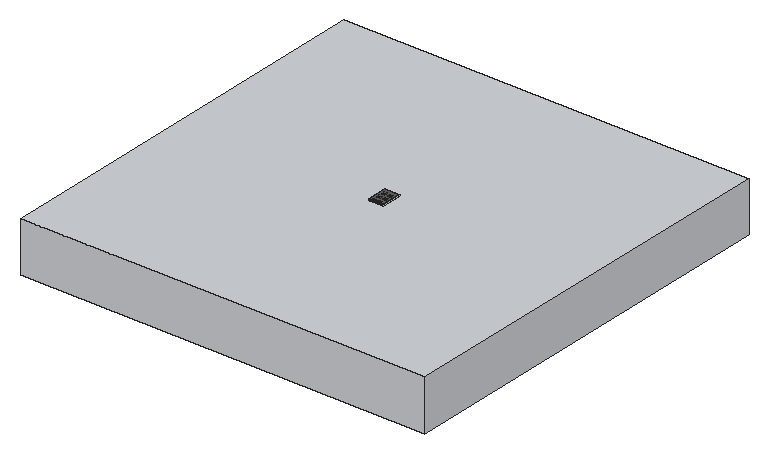
Revit family "Capacitive_touch_switch-TMDP4-AA_-AW_-PA_-PS_PW", category Equipos especializados, Revit 2018
Family settings
  Anfitrión = Cara
  Cota de conector redondo = Diámetro de uso
  Tipo de pieza = Normal
  Corte con vacíos al cargar = No
  Compartido = No
  Punto de cálculo de habitación = No
Parameters (values of type "ZVI-TMDP4-AA_surface")
  Width = 90.2 mm  # constant formula
  Weight = if(Constraints = 1, "180g", if(Constraints = 2, "140g", ""))  # "180g"
  Voltage typical (KNX supply) = "29VDC SELV"  # constant formula
  Voltage range (KNX supply) = "21...31VDC"  # constant formula
  URL = "http://www.zennio.com/en"
  Comentarios de tipo = "Completely customized image for printout glass through web application"  # constant formula
  Thermostats = 1  # constant formula
  Temperature sensor = "Built-in temperature sensor"  # constant formula
  Surface = if(Constraints3 = 1, 1 = 1, 1 = 0)  # yes
  Storage temperature = "-20ºC to +60ºC"  # constant formula
  Storage humidity = "30 to 85% RH (no condensation)"  # constant formula
  Protection class = "III"  # constant formula
  Product Page URL = "http://www.zennio.com/products/capacitive-switch/tmd-plus"
  PCB CTI index = "175 V"  # constant formula
  Orientation = "Vertical or horizontal position"  # constant formula
  Operation type = "Continuous operation"  # constant formula
  Operating temperature = "5ºC to +40ºC"  # constant formula
  Operating humidity = "30 to 85% RH (no condensation)"  # constant formula
  Modelo = if(and(Constraints = 1, Constraints2 = 1, Constraints3 = 1), "ZVI-TMDP4-AA_surface", if(and(Constraints = 1, Constraints2 = 1, Constraints3 = 2), "ZVI-TMDP4-AA_flush", if(and(Constraints = 2, Constraints2 = 1, Constraints3 = 1), "ZVI-TMDP4-PA_surface", if(and(Constraints = 2, Constraints2 = 1, Constraints3 = 2), "ZVI-TMDP4-PA_flush", if(and(Constraints = 1, Constraints2 = 2, Constraints3 = 1), "ZVI-TMDP4_surface", if(and(Constraints = 1, Constraints2 = 2, Constraints3 = 2), "ZVI-TMDP4_flush", if(and(Constraints = 2, Constraints2 = 2, Constraints3 = 1), "ZVI-TMDP4-P_surface", if(and(Constraints = 2, Constraints2 = 2, Constraints3 = 2), "ZVI-TMDP4-P_flush", if(and(Constraints = 1, Constraints2 = 3, Constraints3 = 1), "ZVI-TMDP4-AW_surface", if(and(Constraints = 1, Constraints2 = 3, Constraints3 = 2), "ZVI-TMDP4-AW_flush", if(and(Constraints = 2, Constraints2 = 3, Constraints3 = 1), "ZVI-TMDP4-PW_surface", if(and(Constraints = 2, Constraints2 = 3, Constraints3 = 2), "ZVI-TMDP4-PW_flush", " "))))))))))))  # "ZVI-TMDP4-AA_surface"
  Maximum consumption 29 VDC typical = "7mA"  # constant formula
  Maximum consumption 24 VDC = "8,5mA"  # constant formula
  Manufacturer Phone Number = "+34 925 232 002"  # constant formula
  Manufacturer Email = "info@zennio.com"  # constant formula
  Manufacturer Address = "C/ Río Jarama, 132. Nave P-8.11. 45007 Toledo. España"  # constant formula
  Fabricante = "Zennio Avance y Tecnología, S.L."  # constant formula
  Nota clave = "4 main touch areas and 5 auxiliary touch areas. State LED indicators with custom luminosity"  # constant formula
  Housing material = PC/ABS FR V0 halogen free - Anthracite
  Height = 122.7 mm  # constant formula
  Frame material = Aluminium frame
  Flush = if(Constraints3 = 2, 1 = 1, 1 = 0)  # no
  Fit = "Magnetic fit. Metallic stand included"  # constant formula
  External power supply connection = "No power supply different from the bus needed"  # constant formula
  Electrical stress period = "Long"  # constant formula
  Device action type = "Type 1"  # constant formula
  Descripción = "KNX Capacitive Touch Switch with 4 buttons"  # constant formula
  Depth_total = 25 mm  # constant formula
  Depth = 12 mm  # constant formula
  Degree of protection = "IP20, clean environment"  # constant formula
  Default Elevation = 1219.2 mm
  Copyright = "© 2017 Zennio Avance y Tecnología, S.L."  # constant formula
  Constraints3 = 1
  Constraints2 = 1
  Constraints = 1
  Connection type = "Typical TP1 bus connector for rigid cable 0.80 mm diameter"  # constant formula
  Complementary characteristics = "Class B"  # constant formula
  BCU = "Integrated KNX BCU"  # constant formula
  Analog/digital inputs = 2  # constant formula
Types (13, lengths in mm): name | Weight | Surface | Modelo | Housing material | Frame material | Flush | Constraints3 | Constraints2 | Constraints
  (no name) | "180g" | yes | "ZVI-TMDP4-AA_surface" | PC/ABS FR V0 halogen free - Anthracite | Aluminium frame | no | 1 | 1 | 1
  ZVI-TMDP4-PA_surface | "140g" | yes | "ZVI-TMDP4-PA_surface" | PC/ABS FR V0 halogen free - Anthracite | Polycarbonate frame - Anthracite | no | 1 | 1 | 2
  ZVI-TMDP4-PA_flush | "140g" | no | "ZVI-TMDP4-PA_flush" | PC/ABS FR V0 halogen free - Anthracite | Polycarbonate frame - Anthracite | yes | 2 | 1 | 2
  ZVI-TMDP4-AA_surface | "180g" | yes | "ZVI-TMDP4-AA_surface" | PC/ABS FR V0 halogen free - Anthracite | Aluminium frame | no | 1 | 1 | 1
  ZVI-TMDP4-AA_flush | "180g" | no | "ZVI-TMDP4-AA_flush" | PC/ABS FR V0 halogen free - Anthracite | Aluminium frame | yes | 2 | 1 | 1
  ZVI-TMDP4-AW_surface | "180g" | yes | "ZVI-TMDP4-AW_surface" | PC/ABS FR V0 halogen free - White | Aluminium frame | no | 1 | 3 | 1
  ZVI-TMDP4-PW_surface | "140g" | yes | "ZVI-TMDP4-PW_surface" | PC/ABS FR V0 halogen free - White | Polycarbonate frame - White | no | 1 | 3 | 2
  ZVI-TMDP4-AW_flush | "180g" | no | "ZVI-TMDP4-AW_flush" | PC/ABS FR V0 halogen free - White | Aluminium frame | yes | 2 | 3 | 1
  ZVI-TMDP4-PW_flush | "140g" | no | "ZVI-TMDP4-PW_flush" | PC/ABS FR V0 halogen free - White | Polycarbonate frame - White | yes | 2 | 3 | 2
  ZVI-TMDP4_surface | "180g" | yes | "ZVI-TMDP4_surface" | PC/ABS FR V0 halogen free - Silver | Aluminium frame | no | 1 | 2 | 1
  ZVI-TMDP4-P_surface | "140g" | yes | "ZVI-TMDP4-P_surface" | PC/ABS FR V0 halogen free - Silver | Polycarbonate frame - Silver | no | 1 | 2 | 2
  ZVI-TMDP4_flush | "180g" | no | "ZVI-TMDP4_flush" | PC/ABS FR V0 halogen free - Silver | Aluminium frame | yes | 2 | 2 | 1
  ZVI-TMDP4-P_flush | "140g" | no | "ZVI-TMDP4-P_flush" | PC/ABS FR V0 halogen free - Silver | Polycarbonate frame - Silver | yes | 2 | 2 | 2
Reference planes
  plane 1 "Center (Front/Back)": y = 0
  plane 2 "Ref. 1 top bis": z = 0
  plane 3 "Center (Left/Right)": x = 0
  plane 4 "Ref. left 1": x = -45.1
  plane 5 "Ref. 1 right": x = 45.1
  plane 6 "Ref. 1 front": y = 61.35
  plane 7 "Ref. 1 back": y = -61.35
  plane 8 "Ref. 2 front": y = 59.4
  plane 9 "Ref. 2 back": y = -59.4
  plane 10 "Ref. 2 left": x = -43.1
  plane 11 "Ref. 2 right": x = 43.1
  plane 12 "Ref. 1 top": z = 12
  plane 13 "Ref. 1 bottom": z = -13
  plane 14 "Ref. 2 bottom": z = 3
  plane 15 "Ref. 2 top": z = 10.5
  plane 16 "Ref. 3 bottom": z = 11
  plane 17 "Ref. 1 left bis": x = -45.1
  plane 18 "Ref. 2 left bis": x = -43.1
  plane 19 "Ref. 1 right bis": x = 45.1
  plane 20 "Ref. 2 right bis": x = 43.1
  plane 21 "Ref. 1 front bis": y = 61.35
  plane 22 "Ref. 2 front bis": y = 59.4
  plane 23 "Ref. 1 back bis": y = -61.35
  plane 24 "Ref. 2 back bis": y = -59.4
  plane 25 "Ref. 1 bottom bis": z = -25
  plane 26 "Ref. 2 bottom bis": z = -12
  plane 27 "Ref. 3 bottom bis": z = -9
  plane 28 "Ref. 3 top bis": z = -1.5
  plane 29 "Ref. 4 bottom bis": z = -1
  plane 30 "Ref. 3 left": x = -25.8
  plane 31 "Ref. 3 right": x = -9
  plane 32 "Ref. 4 right": x = 25.8
  plane 33 "Ref. 4 left": x = 9
  plane 34 "Ref. 7 back": y = -51.9
  plane 35 "Ref. 7 front": y = -50.3
  plane 36 "Ref. 3.1 right": x = -24.2
  plane 37 "Ref. 4.1 left": x = 24.2
  plane 38 "Ref. 5 left": x = -13.3
  plane 39 "Ref. 5 right": x = -11.7
  plane 40 "Ref. 6 left": x = -0.8
  plane 41 "Ref. 6 right": x = 0.8
  plane 42 "Ref. 7 left": x = 11.7
  plane 43 "Ref. 7 right": x = 13.3
  plane 44 "Ref. 3 left bis": x = -25.8
  plane 45 "Ref. 3 right bis": x = -9
  plane 46 "Ref. 4 right bis": x = 25.8
  plane 47 "Ref. 4 left bis": x = 9
  plane 48 "Ref. 7 back bis": y = -51.9
  plane 49 "Ref. 7 front bis": y = -50.3
  plane 50 "Ref 3.1 right bis": x = -24.2
  plane 51 "Ref. 4.1 left bis": x = 24.2
  plane 52 "Ref. 5 left bis": x = -13.3
  plane 53 "Ref. 5 right bis": x = -11.7
  plane 54 "Ref. 6 left bis": x = -0.8
  plane 55 "Ref. 6 right bis": x = 0.8
  plane 56 "Ref. 7 left bis": x = 11.7
  plane 57 "Ref. 7 right bis": x = 13.3
  plane 58 "Ref. 3 front": y = 31.9
  plane 59 "Ref. 3 back": y = 15.1
  plane 60 "Ref. 4 front": y = -7
  plane 61 "Ref. 4 back": y = -23.8
  plane 62 "Ref. 3 front bis": y = 31.9
  plane 63 "Ref. 3 back bis": y = 15.1
  plane 64 "Ref. 4 front bis": y = -7
  plane 65 "Ref. 4 back bis": y = -23.8
Forms (mm)
  Extrusion 1, solid
    sketch origin (0, 0, 0) x (1, 0, 0) y (0, 1, 0)
      loop
        line (-1219.2, 1219.2) -> (-1219.2, -1219.2) -> (1219.2, -1219.2) -> (1219.2, 1219.2) -> (-1219.2, 1219.2)
    from 0 to -304.8
  Extrusion 2, solid, material "Aluminium frame" <- "Frame material", visible <- "Surface", detail levels coarse
    sketch origin (0, 0, 0) x (1, 0, 0) y (0, 1, 0)
      loop
        line (-45.1, -61.35) -> (45.1, -61.35) -> (45.1, 61.35) -> (-45.1, 61.35) -> (-45.1, -61.35)
    from 3 to 10.5
  Extrusion 3, solid, material "Aluminium frame" <- "Frame material", visible <- "Surface", detail levels medium+fine
    sketch origin (0, 0, 0) x (1, 0, 0) y (0, 1, 0)
      loop
        arc (-43.1, 61.35) -> (-44.514, 60.764) -> (-45.1, 59.35) r 2
        line (-45.1, 59.35) -> (-45.1, -59.35)
        arc (-45.1, -59.35) -> (-44.514, -60.764) -> (-43.1, -61.35) r 2
        line (-43.1, -61.35) -> (43.05, -61.35)
        arc (43.05, -61.35) -> (44.5, -60.75) -> (45.1, -59.3) r 2.05
        line (45.1, -59.3) -> (45.1, 59.35)
        arc (45.1, 59.35) -> (44.514, 60.764) -> (43.1, 61.35) r 2
        line (43.1, 61.35) -> (-43.1, 61.35)
    from 3 to 10.5
  Extrusion 4, solid, material "PC/ABS FR V0 halogen free - Anthracite" <- "Housing material", visible <- "Surface"
    sketch origin (0, 0, 0) x (1, 0, 0) y (0, 1, 0)
      loop
        line (-14, 25) -> (-25, 14) -> (-25, -14) -> (-14, -25) -> (14, -25) -> (25, -14) -> (25, 13.994) -> (13.994, 25) -> (-14, 25)
    from -13 to 0
  Extrusion 5, solid, material "PC/ABS FR V0 halogen free - Anthracite" <- "Housing material", visible <- "Surface"
    sketch origin (0, 0, 0) x (1, 0, 0) y (0, 1, 0)
      loop
        line (42.6, 59.4) -> (-42.6, 59.4)
        arc (-42.6, 59.4) -> (-42.954, 59.254) -> (-43.1, 58.9) r 0.5
        line (-43.1, 58.9) -> (-43.1, -58.9)
        arc (-43.1, -58.9) -> (-42.954, -59.254) -> (-42.6, -59.4) r 0.5
        line (-42.6, -59.4) -> (42.6, -59.4)
        arc (42.6, -59.4) -> (42.954, -59.254) -> (43.1, -58.9) r 0.5
        line (43.1, -58.9) -> (43.1, 58.9)
        arc (43.1, 58.9) -> (42.954, 59.254) -> (42.6, 59.4) r 0.5
    from 0 to 12
  Extrusion 6, solid, material "Aluminium frame" <- "Frame material", visible <- "Flush", detail levels coarse
    sketch origin (0, 0, 0) x (1, 0, 0) y (0, 1, 0)
      loop
        line (-45.1, 61.35) -> (-45.1, -61.35) -> (45.1, -61.35) -> (45.1, 61.35) -> (-45.1, 61.35)
    from -9 to -1.5
  Extrusion 7, solid, material "Aluminium frame" <- "Frame material", visible <- "Flush", detail levels medium+fine
    sketch origin (0, 0, 0) x (1, 0, 0) y (0, 1, 0)
      loop
        arc (-43.1, 61.35) -> (-44.514, 60.764) -> (-45.1, 59.35) r 2
        line (-45.1, 59.35) -> (-45.1, -59.35)
        arc (-45.1, -59.35) -> (-44.514, -60.764) -> (-43.1, -61.35) r 2
        line (-43.1, -61.35) -> (43.1, -61.35)
        arc (43.1, -61.35) -> (44.514, -60.764) -> (45.1, -59.35) r 2
        line (45.1, -59.35) -> (45.1, 59.35)
        arc (45.1, 59.35) -> (44.514, 60.764) -> (43.1, 61.35) r 2
        line (43.1, 61.35) -> (-43.1, 61.35)
    from -9 to -1.5
  Extrusion 8, solid, material "PC/ABS FR V0 halogen free - Anthracite" <- "Housing material", visible <- "Flush"
    sketch origin (0, 0, 0) x (1, 0, 0) y (0, 1, 0)
      loop
        arc (-42.6, 59.4) -> (-42.954, 59.254) -> (-43.1, 58.9) r 0.5
        line (-43.1, 58.9) -> (-43.1, -58.9)
        arc (-43.1, -58.9) -> (-42.954, -59.254) -> (-42.6, -59.4) r 0.5
        line (-42.6, -59.4) -> (42.6, -59.4)
        arc (42.6, -59.4) -> (42.954, -59.254) -> (43.1, -58.9) r 0.5
        line (43.1, -58.9) -> (43.1, 58.9)
        arc (43.1, 58.9) -> (42.954, 59.254) -> (42.6, 59.4) r 0.5
        line (42.6, 59.4) -> (-42.6, 59.4)
    from -12 to 0
  Extrusion 9, solid, material "PC/ABS FR V0 halogen free - Anthracite" <- "Housing material", visible <- "Flush"
    sketch origin (0, 0, 0) x (1, 0, 0) y (0, 1, 0)
      loop
        line (-14, 25) -> (-25, 14) -> (-25, -14) -> (-14, -25) -> (14, -25) -> (25, -14) -> (25, 14) -> (14, 25) -> (-14, 25)
    from -25 to -12
  Extrusion 10, solid, material "PC/ABS FR V0 halogen free - Anthracite" <- "Housing material", visible <- "Surface", detail levels medium+fine
    sketch origin (0, 0, 0) x (1, 0, 0) y (0, 1, 0)
      loop
        line (-25.8, -50.3) -> (-25.8, -51.9) -> (-24.2, -51.9) -> (-24.2, -50.3) -> (-25.8, -50.3)
    from 11 to 12
  Extrusion 11, solid, material "PC/ABS FR V0 halogen free - Anthracite" <- "Housing material", visible <- "Surface", detail levels medium+fine
    sketch origin (30.442, -58.685, 0) x (1, 0, 0) y (0, 1, 0)
      loop
        line (-43.742, 8.385) -> (-43.742, 6.785) -> (-42.142, 6.785) -> (-42.142, 8.385) -> (-43.742, 8.385)
    from 11 to 12
  Extrusion 12, solid, material "PC/ABS FR V0 halogen free - Anthracite" <- "Housing material", visible <- "Surface", detail levels medium+fine
    sketch origin (25, 0, 0) x (1, 0, 0) y (0, 1, 0)
      loop
        line (-25.8, -50.3) -> (-25.8, -51.9) -> (-24.2, -51.9) -> (-24.2, -50.3) -> (-25.8, -50.3)
    from 11 to 12
  Extrusion 13, solid, material "PC/ABS FR V0 halogen free - Anthracite" <- "Housing material", visible <- "Surface", detail levels medium+fine
    sketch origin (50, 0, 0) x (1, 0, 0) y (0, 1, 0)
      loop
        line (-25.8, -50.3) -> (-25.8, -51.9) -> (-24.2, -51.9) -> (-24.2, -50.3) -> (-25.8, -50.3)
    from 11 to 12
  Extrusion 14, solid, material "PC/ABS FR V0 halogen free - Anthracite" <- "Housing material", visible <- "Surface", detail levels medium+fine
    sketch origin (37.5, 0, 0) x (1, 0, 0) y (0, 1, 0)
      loop
        line (-25.8, -50.3) -> (-25.8, -51.9) -> (-24.2, -51.9) -> (-24.2, -50.3) -> (-25.8, -50.3)
    from 11 to 12
  Extrusion 15, solid, material "PC/ABS FR V0 halogen free - Anthracite" <- "Housing material", visible <- "Flush", detail levels medium+fine
    sketch origin (345, 0, 0) x (1, 0, 0) y (0, 1, 0)
      loop
        line (-370.8, -50.3) -> (-370.8, -51.9) -> (-369.2, -51.9) -> (-369.2, -50.3) -> (-370.8, -50.3)
    from -1 to 0
  Extrusion 16, solid, material "PC/ABS FR V0 halogen free - Anthracite" <- "Housing material", visible <- "Flush", detail levels medium+fine
    sketch origin (357.5, 0, 0) x (1, 0, 0) y (0, 1, 0)
      loop
        line (-370.8, -50.3) -> (-370.8, -51.9) -> (-369.2, -51.9) -> (-369.2, -50.3) -> (-370.8, -50.3)
    from -1 to 0
  Extrusion 17, solid, material "PC/ABS FR V0 halogen free - Anthracite" <- "Housing material", visible <- "Flush", detail levels medium+fine
    sketch origin (370, 0, 0) x (1, 0, 0) y (0, 1, 0)
      loop
        line (-370.8, -50.3) -> (-370.8, -51.9) -> (-369.2, -51.9) -> (-369.2, -50.3) -> (-370.8, -50.3)
    from -1 to 0
  Extrusion 18, solid, material "PC/ABS FR V0 halogen free - Anthracite" <- "Housing material", visible <- "Flush", detail levels medium+fine
    sketch origin (382.5, 0, 0) x (1, 0, 0) y (0, 1, 0)
      loop
        line (-370.8, -50.3) -> (-370.8, -51.9) -> (-369.2, -51.9) -> (-369.2, -50.3) -> (-370.8, -50.3)
    from -1 to 0
  Extrusion 19, solid, material "PC/ABS FR V0 halogen free - Anthracite" <- "Housing material", visible <- "Flush", detail levels medium+fine
    sketch origin (395, 0, 0) x (1, 0, 0) y (0, 1, 0)
      loop
        line (-370.8, -50.3) -> (-370.8, -51.9) -> (-369.2, -51.9) -> (-369.2, -50.3) -> (-370.8, -50.3)
    from -1 to 0
  Extrusion 20, solid, material "PC/ABS FR V0 halogen free - Anthracite" <- "Housing material", visible <- "Flush"
    sketch origin (345, -16.9, 0) x (1, 0, 0) y (0, 1, 0)
      loop
        line (-370.8, 48.8) -> (-370.8, 32) -> (-354, 32) -> (-354, 48.8) -> (-370.8, 48.8)
    from -1 to 0
  Extrusion 21, solid, material "PC/ABS FR V0 halogen free - Anthracite" <- "Housing material", visible <- "Surface"
    sketch origin (345, -16.9, 0) x (1, 0, 0) y (0, 1, 0)
      loop
        line (-370.8, 48.8) -> (-370.8, 32) -> (-354, 32) -> (-354, 48.8) -> (-370.8, 48.8)
    from 11 to 12
  Extrusion 22, solid, material "PC/ABS FR V0 halogen free - Anthracite" <- "Housing material", visible <- "Surface"
    sketch origin (379.8, -16.9, 0) x (1, 0, 0) y (0, 1, 0)
      loop
        line (-370.8, 48.8) -> (-370.8, 32) -> (-354, 32) -> (-354, 48.8) -> (-370.8, 48.8)
    from 11 to 12
  Extrusion 23, solid, material "PC/ABS FR V0 halogen free - Anthracite" <- "Housing material", visible <- "Surface"
    sketch origin (345, -55.8, 0) x (1, 0, 0) y (0, 1, 0)
      loop
        line (-370.8, 48.8) -> (-370.8, 32) -> (-354, 32) -> (-354, 48.8) -> (-370.8, 48.8)
    from 11 to 12
  Extrusion 24, solid, material "PC/ABS FR V0 halogen free - Anthracite" <- "Housing material", visible <- "Surface"
    sketch origin (379.8, -55.8, 0) x (1, 0, 0) y (0, 1, 0)
      loop
        line (-370.8, 48.8) -> (-370.8, 32) -> (-354, 32) -> (-354, 48.8) -> (-370.8, 48.8)
    from 11 to 12
  Extrusion 25, solid, material "PC/ABS FR V0 halogen free - Anthracite" <- "Housing material", visible <- "Flush"
    sketch origin (379.8, -16.9, 0) x (1, 0, 0) y (0, 1, 0)
      loop
        line (-370.8, 48.8) -> (-370.8, 32) -> (-354, 32) -> (-354, 48.8) -> (-370.8, 48.8)
    from -1 to 0
  Extrusion 26, solid, material "PC/ABS FR V0 halogen free - Anthracite" <- "Housing material", visible <- "Flush"
    sketch origin (345, -55.8, 0) x (1, 0, 0) y (0, 1, 0)
      loop
        line (-370.8, 48.8) -> (-370.8, 32) -> (-354, 32) -> (-354, 48.8) -> (-370.8, 48.8)
    from -1 to 0
  Extrusion 27, solid, material "PC/ABS FR V0 halogen free - Anthracite" <- "Housing material", visible <- "Flush"
    sketch origin (379.8, -55.8, 0) x (1, 0, 0) y (0, 1, 0)
      loop
        line (-370.8, 48.8) -> (-370.8, 32) -> (-354, 32) -> (-354, 48.8) -> (-370.8, 48.8)
    from -1 to 0
Lines and regions (mm)
  reference lines
    curve 1: line (13.994, 25, 0) -> (-14, 25, 0)
    curve 2: line (-25, 14, 0) -> (-25, -14, 0)
    curve 3: line (-14, 25, 0) -> (-25, 14, 0)
    curve 4: line (25, -14, 0) -> (25, 13.994, 0)
    curve 5: line (14, -25, 0) -> (-14, -25, 0)
    curve 6: line (13.994, 25, 0) -> (25, 13.994, 0)
    curve 7: line (-25, -14, 0) -> (-14, -25, 0)
    curve 8: line (25, -14, 0) -> (14, -25, 0)
    curve 9: line (25, 0, -12) -> (-25, 0, -12)
    curve 10: line (-31, 25, -12) -> (31, 25, -12)
    curve 11: line (31, -25, -12) -> (-31, -25, -12)
    curve 12: line (25, 25, -12) -> (25, -25, -12)
    curve 13: line (-25, 25, -12) -> (-25, -25, -12)
    curve 14: line (-31, -8, -12) -> (-7.322, -31.678, -12)
    curve 15: line (31, -8, -12) -> (6.929, -32.071, -12)
    curve 16: line (8, 31, -12) -> (31, 8, -12)
    curve 17: line (-8, 31, -12) -> (-31, 8, -12)
Dimensions and locks
  equal spacing: plane 7 "Ref. 1 back", plane 1 "Center (Front/Back)", plane 6 "Ref. 1 front", locked at 61.35 each
  equal spacing: plane 4 "Ref. left 1", plane 3 "Center (Left/Right)", plane 5 "Ref. 1 right", locked at 45.1 each
  "Width": plane 4 "Ref. left 1" to plane 5 "Ref. 1 right"
  "Height": plane 7 "Ref. 1 back" to plane 6 "Ref. 1 front"
  equal spacing: plane 9 "Ref. 2 back", plane 1 "Center (Front/Back)", plane 8 "Ref. 2 front", locked at 59.4 each
  equal spacing: plane 10 "Ref. 2 left", plane 3 "Center (Left/Right)", plane 11 "Ref. 2 right", locked at 43.1 each
  locked: plane 2 "Ref. 1 top bis" to plane 12 "Ref. 1 top" at 12
  locked: plane 16 "Ref. 3 bottom" to plane 12 "Ref. 1 top" at 1
  locked: plane 15 "Ref. 2 top" to plane 16 "Ref. 3 bottom" at 0.5
  locked: plane 14 "Ref. 2 bottom" to plane 15 "Ref. 2 top" at 7.5
  equal spacing: plane 17 "Ref. 1 left bis", plane 3 "Center (Left/Right)", plane 19 "Ref. 1 right bis", locked at 45.1 each
  "Width": plane 17 "Ref. 1 left bis" to plane 19 "Ref. 1 right bis"
  equal spacing: plane 18 "Ref. 2 left bis", plane 3 "Center (Left/Right)", plane 20 "Ref. 2 right bis", locked at 43.1 each
  equal spacing: plane 23 "Ref. 1 back bis", plane 1 "Center (Front/Back)", plane 21 "Ref. 1 front bis", locked at 61.35 each
  "Height": plane 23 "Ref. 1 back bis" to plane 21 "Ref. 1 front bis"
  equal spacing: plane 24 "Ref. 2 back bis", plane 1 "Center (Front/Back)", plane 22 "Ref. 2 front bis", locked at 59.4 each
  locked: plane 26 "Ref. 2 bottom bis" to level at 12
  locked: plane 29 "Ref. 4 bottom bis" to plane 2 "Ref. 1 top bis" at 1
  locked: plane 28 "Ref. 3 top bis" to plane 29 "Ref. 4 bottom bis" at 0.5
  locked: plane 27 "Ref. 3 bottom bis" to plane 28 "Ref. 3 top bis" at 7.5
  locked: plane 25 "Ref. 1 bottom bis" to plane 2 "Ref. 1 top bis" at 25
  locked: plane 13 "Ref. 1 bottom" to plane 12 "Ref. 1 top" at 25
  plane 34 "Ref. 7 back" to plane 35 "Ref. 7 front" to plane 61 "Ref. 4 back" to plane 60 "Ref. 4 front" to plane 59 "Ref. 3 back" to plane 58 "Ref. 3 front" to plane 6 "Ref. 1 front" = 1.6 mm locked, 26.5 mm locked, 16.8 mm locked, 22.1 mm locked, 16.8 mm locked, 29.45 mm locked
  plane 48 "Ref. 7 back bis" to plane 49 "Ref. 7 front bis" to plane 65 "Ref. 4 back bis" to plane 64 "Ref. 4 front bis" to plane 63 "Ref. 3 back bis" to plane 62 "Ref. 3 front bis" to plane 21 "Ref. 1 front bis" = 1.6 mm locked, 26.5 mm locked, 16.8 mm locked, 22.1 mm locked, 16.8 mm locked, 29.45 mm locked
  plane 30 "Ref. 3 left" to plane 31 "Ref. 3 right" to plane 33 "Ref. 4 left" to plane 32 "Ref. 4 right" to plane 5 "Ref. 1 right" = 16.8 mm locked, 18 mm locked, 16.8 mm locked, 19.3 mm locked
  plane 36 "Ref. 3.1 right" to plane 38 "Ref. 5 left" to plane 39 "Ref. 5 right" to plane 40 "Ref. 6 left" to plane 41 "Ref. 6 right" to plane 42 "Ref. 7 left" to plane 43 "Ref. 7 right" to plane 37 "Ref. 4.1 left" to plane 32 "Ref. 4 right" = 10.9 mm locked, 1.6 mm locked, 10.9 mm locked, 1.6 mm locked, 10.9 mm locked, 1.6 mm locked, 10.9 mm locked, 1.6 mm locked
  plane 44 "Ref. 3 left bis" to plane 45 "Ref. 3 right bis" to plane 47 "Ref. 4 left bis" to plane 46 "Ref. 4 right bis" to plane 19 "Ref. 1 right bis" = 16.8 mm locked, 18 mm locked, 16.8 mm locked, 19.3 mm locked
  plane 50 "Ref 3.1 right bis" to plane 52 "Ref. 5 left bis" to plane 53 "Ref. 5 right bis" to plane 54 "Ref. 6 left bis" to plane 55 "Ref. 6 right bis" to plane 56 "Ref. 7 left bis" to plane 57 "Ref. 7 right bis" to plane 51 "Ref. 4.1 left bis" to plane 46 "Ref. 4 right bis" = 10.9 mm locked, 1.6 mm locked, 10.9 mm locked, 1.6 mm locked, 10.9 mm locked, 1.6 mm locked, 10.9 mm locked, 1.6 mm locked
  aligned and locked: plane 2 "Ref. 1 top bis" to Extrusion 1
  aligned and locked: level to Extrusion 1
  aligned and locked: curve 3 to Extrusion 4
  aligned and locked: curve 1 to Extrusion 4
  aligned and locked: curve 6 to Extrusion 4
  aligned and locked: curve 4 to Extrusion 4
  aligned and locked: curve 8 to Extrusion 4
  aligned and locked: curve 5 to Extrusion 4
  aligned and locked: curve 7 to Extrusion 4
  aligned and locked: curve 2 to Extrusion 4
  aligned and locked: Extrusion 3 to plane 6 "Ref. 1 front"
  aligned and locked: Extrusion 2 to plane 6 "Ref. 1 front"
  aligned and locked: plane 4 "Ref. left 1" to Extrusion 3
  aligned and locked: plane 4 "Ref. left 1" to Extrusion 2
  aligned and locked: plane 7 "Ref. 1 back" to Extrusion 3
  aligned and locked: plane 7 "Ref. 1 back" to Extrusion 2
  aligned and locked: Extrusion 3 to plane 5 "Ref. 1 right"
  aligned and locked: Extrusion 2 to plane 5 "Ref. 1 right"
  aligned and locked: Extrusion 5 to plane 8 "Ref. 2 front"
  aligned and locked: plane 10 "Ref. 2 left" to Extrusion 5
  aligned and locked: plane 9 "Ref. 2 back" to Extrusion 5
  aligned and locked: Extrusion 5 to plane 11 "Ref. 2 right"
  aligned and locked: plane 13 "Ref. 1 bottom" to Extrusion 4
  aligned and locked: Extrusion 5 to plane 2 "Ref. 1 top bis"
  aligned and locked: Extrusion 5 to plane 12 "Ref. 1 top"
  aligned and locked: plane 14 "Ref. 2 bottom" to Extrusion 3
  aligned and locked: Extrusion 3 to plane 15 "Ref. 2 top"
  aligned and locked: plane 2 "Ref. 1 top bis" to Extrusion 4
  aligned and locked: plane 17 "Ref. 1 left bis" to Extrusion 7
  aligned and locked: plane 17 "Ref. 1 left bis" to Extrusion 6
  aligned and locked: plane 18 "Ref. 2 left bis" to Extrusion 8
  aligned and locked: Extrusion 7 to plane 19 "Ref. 1 right bis"
  aligned and locked: Extrusion 6 to plane 19 "Ref. 1 right bis"
  aligned and locked: Extrusion 8 to plane 20 "Ref. 2 right bis"
  aligned and locked: Extrusion 7 to plane 21 "Ref. 1 front bis"
  aligned and locked: Extrusion 6 to plane 21 "Ref. 1 front bis"
  aligned and locked: Extrusion 8 to plane 22 "Ref. 2 front bis"
  aligned and locked: plane 24 "Ref. 2 back bis" to Extrusion 8
  aligned and locked: plane 23 "Ref. 1 back bis" to Extrusion 7
  aligned and locked: plane 23 "Ref. 1 back bis" to Extrusion 6
  aligned and locked: plane 25 "Ref. 1 bottom bis" to Extrusion 9
  aligned and locked: plane 26 "Ref. 2 bottom bis" to Extrusion 8
  aligned and locked: Extrusion 8 to plane 26 "Ref. 2 bottom bis"
  aligned and locked: plane 2 "Ref. 1 top bis" to Extrusion 8
  aligned and locked: plane 27 "Ref. 3 bottom bis" to Extrusion 7
  aligned and locked: Extrusion 6 to plane 28 "Ref. 3 top bis"
  aligned and locked: Extrusion 9 to plane 26 "Ref. 2 bottom bis"
  aligned and locked: Extrusion 7 to plane 28 "Ref. 3 top bis"
  aligned and locked: curve 17 to Extrusion 9
  aligned and locked: curve 13 to Extrusion 9
  aligned and locked: curve 14 to Extrusion 9
  aligned and locked: Extrusion 9 to curve 11
  aligned and locked: Extrusion 9 to curve 15
  aligned and locked: Extrusion 9 to curve 12
  aligned and locked: Extrusion 9 to curve 16
  aligned and locked: Extrusion 9 to curve 10
  aligned and locked: plane 35 "Ref. 7 front" to Extrusion 10
  aligned and locked: plane 35 "Ref. 7 front" to Extrusion 11
  aligned and locked: plane 35 "Ref. 7 front" to Extrusion 12
  aligned and locked: plane 35 "Ref. 7 front" to Extrusion 14
  aligned and locked: plane 35 "Ref. 7 front" to Extrusion 13
  aligned and locked: Extrusion 10 to plane 34 "Ref. 7 back"
  aligned and locked: Extrusion 11 to plane 34 "Ref. 7 back"
  aligned and locked: Extrusion 12 to plane 34 "Ref. 7 back"
  aligned and locked: Extrusion 14 to plane 34 "Ref. 7 back"
  aligned and locked: Extrusion 13 to plane 34 "Ref. 7 back"
  aligned and locked: plane 30 "Ref. 3 left" to Extrusion 10
  aligned and locked: plane 38 "Ref. 5 left" to Extrusion 11
  aligned and locked: plane 40 "Ref. 6 left" to Extrusion 12
  aligned and locked: plane 42 "Ref. 7 left" to Extrusion 14
  aligned and locked: Extrusion 13 to plane 37 "Ref. 4.1 left"
  aligned and locked: plane 36 "Ref. 3.1 right" to Extrusion 10
  aligned and locked: plane 39 "Ref. 5 right" to Extrusion 11
  aligned and locked: Extrusion 12 to plane 41 "Ref. 6 right"
  aligned and locked: Extrusion 14 to plane 43 "Ref. 7 right"
  aligned and locked: Extrusion 13 to plane 32 "Ref. 4 right"
  aligned and locked: Extrusion 13 to plane 12 "Ref. 1 top"
  aligned and locked: Extrusion 14 to plane 12 "Ref. 1 top"
  aligned and locked: Extrusion 12 to plane 12 "Ref. 1 top"
  aligned and locked: Extrusion 11 to plane 12 "Ref. 1 top"
  aligned and locked: Extrusion 10 to plane 12 "Ref. 1 top"
  aligned and locked: plane 16 "Ref. 3 bottom" to Extrusion 13
  aligned and locked: plane 16 "Ref. 3 bottom" to Extrusion 14
  aligned and locked: plane 16 "Ref. 3 bottom" to Extrusion 12
  aligned and locked: plane 16 "Ref. 3 bottom" to Extrusion 11
  aligned and locked: plane 16 "Ref. 3 bottom" to Extrusion 10
  aligned and locked: plane 49 "Ref. 7 front bis" to Extrusion 15
  aligned and locked: plane 49 "Ref. 7 front bis" to Extrusion 16
  aligned and locked: plane 49 "Ref. 7 front bis" to Extrusion 17
  aligned and locked: plane 49 "Ref. 7 front bis" to Extrusion 18
  aligned and locked: plane 49 "Ref. 7 front bis" to Extrusion 19
  aligned and locked: Extrusion 15 to plane 48 "Ref. 7 back bis"
  aligned and locked: Extrusion 16 to plane 48 "Ref. 7 back bis"
  aligned and locked: Extrusion 17 to plane 48 "Ref. 7 back bis"
  aligned and locked: Extrusion 18 to plane 48 "Ref. 7 back bis"
  aligned and locked: Extrusion 19 to plane 48 "Ref. 7 back bis"
  aligned and locked: plane 44 "Ref. 3 left bis" to Extrusion 15
  aligned and locked: plane 50 "Ref 3.1 right bis" to Extrusion 15
  aligned and locked: plane 52 "Ref. 5 left bis" to Extrusion 16
  aligned and locked: plane 53 "Ref. 5 right bis" to Extrusion 16
  aligned and locked: plane 54 "Ref. 6 left bis" to Extrusion 17
  aligned and locked: Extrusion 17 to plane 55 "Ref. 6 right bis"
  aligned and locked: plane 56 "Ref. 7 left bis" to Extrusion 18
  aligned and locked: Extrusion 18 to plane 57 "Ref. 7 right bis"
  aligned and locked: Extrusion 19 to plane 51 "Ref. 4.1 left bis"
  aligned and locked: Extrusion 19 to plane 46 "Ref. 4 right bis"
  aligned and locked: plane 29 "Ref. 4 bottom bis" to Extrusion 19
  aligned and locked: plane 29 "Ref. 4 bottom bis" to Extrusion 18
  aligned and locked: plane 29 "Ref. 4 bottom bis" to Extrusion 17
  aligned and locked: plane 29 "Ref. 4 bottom bis" to Extrusion 16
  aligned and locked: plane 29 "Ref. 4 bottom bis" to Extrusion 15
  aligned and locked: plane 2 "Ref. 1 top bis" to Extrusion 19
  aligned and locked: plane 2 "Ref. 1 top bis" to Extrusion 18
  aligned and locked: plane 2 "Ref. 1 top bis" to Extrusion 17
  aligned and locked: plane 2 "Ref. 1 top bis" to Extrusion 16
  aligned and locked: plane 2 "Ref. 1 top bis" to Extrusion 15
  aligned and locked: plane 58 "Ref. 3 front" to Extrusion 21
  aligned and locked: plane 58 "Ref. 3 front" to Extrusion 22
  aligned and locked: Extrusion 21 to plane 59 "Ref. 3 back"
  aligned and locked: Extrusion 22 to plane 59 "Ref. 3 back"
  aligned and locked: plane 60 "Ref. 4 front" to Extrusion 23
  aligned and locked: plane 60 "Ref. 4 front" to Extrusion 24
  aligned and locked: Extrusion 23 to plane 61 "Ref. 4 back"
  aligned and locked: Extrusion 24 to plane 61 "Ref. 4 back"
  aligned and locked: plane 44 "Ref. 3 left bis" to Extrusion 21
  aligned and locked: plane 44 "Ref. 3 left bis" to Extrusion 23
  aligned and locked: plane 45 "Ref. 3 right bis" to Extrusion 21
  aligned and locked: plane 45 "Ref. 3 right bis" to Extrusion 23
  aligned and locked: plane 47 "Ref. 4 left bis" to Extrusion 22
  aligned and locked: plane 47 "Ref. 4 left bis" to Extrusion 24
  aligned and locked: Extrusion 22 to plane 46 "Ref. 4 right bis"
  aligned and locked: Extrusion 24 to plane 46 "Ref. 4 right bis"
  aligned and locked: plane 62 "Ref. 3 front bis" to Extrusion 20
  aligned and locked: plane 62 "Ref. 3 front bis" to Extrusion 25
  aligned and locked: Extrusion 20 to plane 63 "Ref. 3 back bis"
  aligned and locked: Extrusion 25 to plane 63 "Ref. 3 back bis"
  aligned and locked: plane 64 "Ref. 4 front bis" to Extrusion 26
  aligned and locked: plane 64 "Ref. 4 front bis" to Extrusion 27
  aligned and locked: Extrusion 26 to plane 65 "Ref. 4 back bis"
  aligned and locked: Extrusion 27 to plane 65 "Ref. 4 back bis"
  aligned and locked: plane 44 "Ref. 3 left bis" to Extrusion 20
  aligned and locked: plane 44 "Ref. 3 left bis" to Extrusion 26
  aligned and locked: plane 45 "Ref. 3 right bis" to Extrusion 20
  aligned and locked: plane 45 "Ref. 3 right bis" to Extrusion 26
  aligned and locked: plane 47 "Ref. 4 left bis" to Extrusion 25
  aligned and locked: plane 47 "Ref. 4 left bis" to Extrusion 27
  aligned and locked: Extrusion 25 to plane 46 "Ref. 4 right bis"
  aligned and locked: Extrusion 27 to plane 46 "Ref. 4 right bis"
  aligned and locked: plane 16 "Ref. 3 bottom" to Extrusion 22
  aligned and locked: plane 16 "Ref. 3 bottom" to Extrusion 21
  aligned and locked: Extrusion 22 to plane 12 "Ref. 1 top"
  aligned and locked: Extrusion 21 to plane 12 "Ref. 1 top"
  aligned and locked: Extrusion 24 to plane 12 "Ref. 1 top"
  aligned and locked: plane 16 "Ref. 3 bottom" to Extrusion 24
  aligned and locked: Extrusion 23 to plane 12 "Ref. 1 top"
  aligned and locked: plane 16 "Ref. 3 bottom" to Extrusion 23
  aligned and locked: plane 2 "Ref. 1 top bis" to Extrusion 25
  aligned and locked: plane 2 "Ref. 1 top bis" to Extrusion 20
  aligned and locked: plane 29 "Ref. 4 bottom bis" to Extrusion 25
  aligned and locked: plane 29 "Ref. 4 bottom bis" to Extrusion 20
  aligned and locked: plane 2 "Ref. 1 top bis" to Extrusion 27
  aligned and locked: plane 2 "Ref. 1 top bis" to Extrusion 26
  aligned and locked: plane 29 "Ref. 4 bottom bis" to Extrusion 27
  aligned and locked: plane 29 "Ref. 4 bottom bis" to Extrusion 26
Automatic sketch dimensions
  Extrusion 1 sketch curve to Extrusion 1 sketch curve = 2438.4 mm  (x2)
  Extrusion 2 sketch curve to plane 4 "Ref. left 1" = 0 mm
  Extrusion 2 sketch curve to plane 5 "Ref. 1 right" = 0 mm
  plane 7 "Ref. 1 back" to Extrusion 2 sketch curve = 0 mm
  plane 6 "Ref. 1 front" to Extrusion 2 sketch curve = 0 mm
  Extrusion 3 sketch curve to plane 4 "Ref. left 1" = 0 mm
  plane 7 "Ref. 1 back" to Extrusion 3 sketch curve = 0 mm
  Extrusion 3 sketch curve to plane 10 "Ref. 2 left" = 0 mm  (x2)
  plane 6 "Ref. 1 front" to Extrusion 3 sketch curve = 0 mm
  Extrusion 3 sketch curve to plane 11 "Ref. 2 right" = 0 mm
  Extrusion 3 sketch curve to plane 5 "Ref. 1 right" = 0 mm
  plane 11 "Ref. 2 right" to Extrusion 3 sketch curve = 0.05 mm
  curve 7 to plane 30 "Ref. 3 left" = 0.8 mm
  plane 38 "Ref. 5 left" to curve 3 = 0.7 mm
  plane 38 "Ref. 5 left" to curve 7 = 0.7 mm
  curve 1 to plane 43 "Ref. 7 right" = 0.694 mm
  curve 5 to plane 43 "Ref. 7 right" = 0.7 mm
  plane 32 "Ref. 4 right" to curve 4 = 0.8 mm
  curve 5 to plane 61 "Ref. 4 back" = 1.2 mm
  curve 7 to plane 60 "Ref. 4 front" = 7 mm
  curve 4 to plane 60 "Ref. 4 front" = 7 mm
  curve 4 to plane 59 "Ref. 3 back" = 1.106 mm
  curve 2 to plane 59 "Ref. 3 back" = 1.1 mm
  curve 1 to plane 58 "Ref. 3 front" = 6.9 mm
  Extrusion 4 sketch curve to plane 30 "Ref. 3 left" = 0.8 mm
  plane 38 "Ref. 5 left" to Extrusion 4 sketch curve = 0.7 mm  (x2)
  Extrusion 4 sketch curve to plane 43 "Ref. 7 right" = 0.694 mm
  Extrusion 4 sketch curve to plane 43 "Ref. 7 right" = 0.7 mm
  plane 32 "Ref. 4 right" to Extrusion 4 sketch curve = 0.8 mm
  Extrusion 4 sketch curve to plane 61 "Ref. 4 back" = 1.2 mm
  Extrusion 4 sketch curve to plane 60 "Ref. 4 front" = 7 mm  (x2)
  Extrusion 4 sketch curve to plane 59 "Ref. 3 back" = 1.106 mm
  Extrusion 4 sketch curve to plane 59 "Ref. 3 back" = 1.1 mm
  Extrusion 4 sketch curve to plane 58 "Ref. 3 front" = 6.9 mm
  Extrusion 5 sketch curve to plane 10 "Ref. 2 left" = 0 mm
  plane 8 "Ref. 2 front" to Extrusion 5 sketch curve = 0 mm
  plane 9 "Ref. 2 back" to Extrusion 5 sketch curve = 0 mm
  Extrusion 5 sketch curve to plane 11 "Ref. 2 right" = 0 mm
  Extrusion 5 sketch curve to plane 10 "Ref. 2 left" = 0.5 mm
  Extrusion 5 sketch curve to plane 9 "Ref. 2 back" = 0.5 mm
  plane 11 "Ref. 2 right" to Extrusion 5 sketch curve = 0.5 mm
  plane 8 "Ref. 2 front" to Extrusion 5 sketch curve = 0.5 mm
  Extrusion 6 sketch curve to plane 4 "Ref. left 1" = 0 mm
  Extrusion 6 sketch curve to plane 5 "Ref. 1 right" = 0 mm
  plane 7 "Ref. 1 back" to Extrusion 6 sketch curve = 0 mm
  plane 6 "Ref. 1 front" to Extrusion 6 sketch curve = 0 mm
  Extrusion 7 sketch curve to plane 4 "Ref. left 1" = 0 mm
  plane 7 "Ref. 1 back" to Extrusion 7 sketch curve = 0 mm
  Extrusion 7 sketch curve to plane 10 "Ref. 2 left" = 0 mm  (x2)
  plane 6 "Ref. 1 front" to Extrusion 7 sketch curve = 0 mm
  Extrusion 7 sketch curve to plane 11 "Ref. 2 right" = 0 mm  (x2)
  Extrusion 7 sketch curve to plane 5 "Ref. 1 right" = 0 mm
  Extrusion 8 sketch curve to plane 10 "Ref. 2 left" = 0 mm
  plane 9 "Ref. 2 back" to Extrusion 8 sketch curve = 0 mm
  plane 8 "Ref. 2 front" to Extrusion 8 sketch curve = 0 mm
  Extrusion 8 sketch curve to plane 11 "Ref. 2 right" = 0 mm
  Extrusion 8 sketch curve to plane 10 "Ref. 2 left" = 0.5 mm
  Extrusion 8 sketch curve to Extrusion 8 sketch curve = 0.5 mm
  plane 11 "Ref. 2 right" to Extrusion 8 sketch curve = 0.5 mm
  Extrusion 8 sketch curve to plane 9 "Ref. 2 back" = 0.5 mm
  Extrusion 9 sketch curve to plane 30 "Ref. 3 left" = 0.8 mm
  plane 38 "Ref. 5 left" to Extrusion 9 sketch curve = 0.7 mm  (x2)
  Extrusion 9 sketch curve to plane 43 "Ref. 7 right" = 0.7 mm  (x2)
  plane 32 "Ref. 4 right" to Extrusion 9 sketch curve = 0.8 mm
  Extrusion 9 sketch curve to plane 61 "Ref. 4 back" = 1.2 mm
  Extrusion 9 sketch curve to plane 60 "Ref. 4 front" = 7 mm  (x2)
  Extrusion 9 sketch curve to plane 59 "Ref. 3 back" = 1.1 mm  (x2)
  Extrusion 9 sketch curve to plane 58 "Ref. 3 front" = 6.9 mm
  curve 9 to plane 26 "Ref. 2 bottom bis" = 0 mm
  curve 9 to plane 30 "Ref. 3 left" = 0.8 mm
  plane 32 "Ref. 4 right" to curve 9 = 0.8 mm
  plane 33 "Ref. 4 left" to curve 15 = 2.071 mm
  curve 15 to plane 61 "Ref. 4 back" = 8.271 mm
  plane 31 "Ref. 3 right" to curve 14 = 1.678 mm
  curve 14 to plane 61 "Ref. 4 back" = 7.878 mm
  curve 11 to plane 61 "Ref. 4 back" = 1.2 mm
  curve 14 to plane 60 "Ref. 4 front" = 1 mm
  curve 15 to plane 60 "Ref. 4 front" = 1 mm
  curve 17 to plane 59 "Ref. 3 back" = 7.1 mm
  curve 16 to plane 59 "Ref. 3 back" = 7.1 mm
  plane 32 "Ref. 4 right" to curve 12 = 0.8 mm
  curve 12 to plane 58 "Ref. 3 front" = 6.9 mm
  curve 17 to plane 58 "Ref. 3 front" = 0.9 mm
  curve 16 to plane 58 "Ref. 3 front" = 0.9 mm
  plane 33 "Ref. 4 left" to curve 16 = 1 mm
  curve 15 to plane 32 "Ref. 4 right" = 5.2 mm
  curve 16 to plane 32 "Ref. 4 right" = 5.2 mm
  curve 11 to plane 32 "Ref. 4 right" = 5.2 mm
  curve 10 to plane 32 "Ref. 4 right" = 5.2 mm
  plane 31 "Ref. 3 right" to curve 17 = 1 mm
  curve 13 to plane 30 "Ref. 3 left" = 0.8 mm
  plane 30 "Ref. 3 left" to curve 11 = 5.2 mm
  plane 30 "Ref. 3 left" to curve 10 = 5.2 mm
  plane 30 "Ref. 3 left" to curve 14 = 5.2 mm
  plane 30 "Ref. 3 left" to curve 17 = 5.2 mm
  Extrusion 10 sketch curve to plane 30 "Ref. 3 left" = 0 mm
  Extrusion 10 sketch curve to plane 34 "Ref. 7 back" = 0 mm
  Extrusion 10 sketch curve to plane 36 "Ref. 3.1 right" = 0 mm
  Extrusion 10 sketch curve to plane 35 "Ref. 7 front" = 0 mm
  Extrusion 11 sketch curve to plane 35 "Ref. 7 front" = 0 mm
  Extrusion 11 sketch curve to plane 38 "Ref. 5 left" = 0 mm
  Extrusion 11 sketch curve to plane 34 "Ref. 7 back" = 0 mm
  Extrusion 11 sketch curve to plane 39 "Ref. 5 right" = 0 mm
  Extrusion 12 sketch curve to plane 35 "Ref. 7 front" = 0 mm
  Extrusion 12 sketch curve to plane 40 "Ref. 6 left" = 0 mm
  Extrusion 12 sketch curve to plane 34 "Ref. 7 back" = 0 mm
  Extrusion 12 sketch curve to plane 41 "Ref. 6 right" = 0 mm
  Extrusion 13 sketch curve to plane 35 "Ref. 7 front" = 0 mm
  Extrusion 13 sketch curve to plane 37 "Ref. 4.1 left" = 0 mm
  Extrusion 13 sketch curve to plane 32 "Ref. 4 right" = 0 mm
  Extrusion 13 sketch curve to plane 34 "Ref. 7 back" = 0 mm
  Extrusion 14 sketch curve to plane 35 "Ref. 7 front" = 0 mm
  Extrusion 14 sketch curve to plane 42 "Ref. 7 left" = 0 mm
  Extrusion 14 sketch curve to plane 34 "Ref. 7 back" = 0 mm
  Extrusion 14 sketch curve to plane 43 "Ref. 7 right" = 0 mm
  Extrusion 15 sketch curve to plane 30 "Ref. 3 left" = 0 mm
  Extrusion 15 sketch curve to plane 34 "Ref. 7 back" = 0 mm
  Extrusion 15 sketch curve to plane 36 "Ref. 3.1 right" = 0 mm
  Extrusion 15 sketch curve to plane 35 "Ref. 7 front" = 0 mm
  Extrusion 16 sketch curve to plane 35 "Ref. 7 front" = 0 mm
  Extrusion 16 sketch curve to plane 38 "Ref. 5 left" = 0 mm
  Extrusion 16 sketch curve to plane 34 "Ref. 7 back" = 0 mm
  Extrusion 16 sketch curve to plane 39 "Ref. 5 right" = 0 mm
  Extrusion 17 sketch curve to plane 35 "Ref. 7 front" = 0 mm
  Extrusion 17 sketch curve to plane 40 "Ref. 6 left" = 0 mm
  Extrusion 17 sketch curve to plane 34 "Ref. 7 back" = 0 mm
  Extrusion 17 sketch curve to plane 41 "Ref. 6 right" = 0 mm
  Extrusion 18 sketch curve to plane 35 "Ref. 7 front" = 0 mm
  Extrusion 18 sketch curve to plane 42 "Ref. 7 left" = 0 mm
  Extrusion 18 sketch curve to plane 34 "Ref. 7 back" = 0 mm
  Extrusion 18 sketch curve to plane 43 "Ref. 7 right" = 0 mm
  Extrusion 19 sketch curve to plane 35 "Ref. 7 front" = 0 mm
  Extrusion 19 sketch curve to plane 37 "Ref. 4.1 left" = 0 mm
  Extrusion 19 sketch curve to plane 32 "Ref. 4 right" = 0 mm
  Extrusion 19 sketch curve to plane 34 "Ref. 7 back" = 0 mm
  Extrusion 20 sketch curve to plane 30 "Ref. 3 left" = 0 mm
  Extrusion 20 sketch curve to plane 31 "Ref. 3 right" = 0 mm
  Extrusion 20 sketch curve to plane 59 "Ref. 3 back" = 0 mm
  plane 58 "Ref. 3 front" to Extrusion 20 sketch curve = 0 mm
  Extrusion 21 sketch curve to plane 30 "Ref. 3 left" = 0 mm
  Extrusion 21 sketch curve to plane 31 "Ref. 3 right" = 0 mm
  Extrusion 21 sketch curve to plane 59 "Ref. 3 back" = 0 mm
  Extrusion 21 sketch curve to plane 58 "Ref. 3 front" = 0 mm
  Extrusion 22 sketch curve to plane 33 "Ref. 4 left" = 0 mm
  Extrusion 22 sketch curve to plane 32 "Ref. 4 right" = 0 mm
  Extrusion 22 sketch curve to plane 59 "Ref. 3 back" = 0 mm
  Extrusion 22 sketch curve to plane 58 "Ref. 3 front" = 0 mm
  Extrusion 23 sketch curve to plane 30 "Ref. 3 left" = 0 mm
  plane 31 "Ref. 3 right" to Extrusion 23 sketch curve = 0 mm
  Extrusion 23 sketch curve to plane 61 "Ref. 4 back" = 0 mm
  Extrusion 23 sketch curve to plane 60 "Ref. 4 front" = 0 mm
  Extrusion 24 sketch curve to plane 33 "Ref. 4 left" = 0 mm
  Extrusion 24 sketch curve to plane 32 "Ref. 4 right" = 0 mm
  Extrusion 24 sketch curve to plane 61 "Ref. 4 back" = 0 mm
  Extrusion 24 sketch curve to plane 60 "Ref. 4 front" = 0 mm
  Extrusion 25 sketch curve to plane 33 "Ref. 4 left" = 0 mm
  Extrusion 25 sketch curve to plane 32 "Ref. 4 right" = 0 mm
  Extrusion 25 sketch curve to plane 59 "Ref. 3 back" = 0 mm
  plane 58 "Ref. 3 front" to Extrusion 25 sketch curve = 0 mm
  Extrusion 26 sketch curve to plane 30 "Ref. 3 left" = 0 mm
  plane 31 "Ref. 3 right" to Extrusion 26 sketch curve = 0 mm
  Extrusion 26 sketch curve to plane 61 "Ref. 4 back" = 0 mm
  plane 60 "Ref. 4 front" to Extrusion 26 sketch curve = 0 mm
  Extrusion 27 sketch curve to plane 33 "Ref. 4 left" = 0 mm
  Extrusion 27 sketch curve to plane 32 "Ref. 4 right" = 0 mm
  Extrusion 27 sketch curve to plane 61 "Ref. 4 back" = 0 mm
  plane 60 "Ref. 4 front" to Extrusion 27 sketch curve = 0 mm
Connectors
  electrical at (0, 0, 0)
    settings: on Extrusion 5, index 1, voltage 0 V, apparent load 0 VA, apparent load phase1 0 VA, apparent load phase2 0 VA, apparent load phase3 0 VA, power factor 1, load classification "Otro", number of poles 1, system type 14, power factor state 1, is connector primary yes, connector utility no, sub classification motor no, connector description ""
